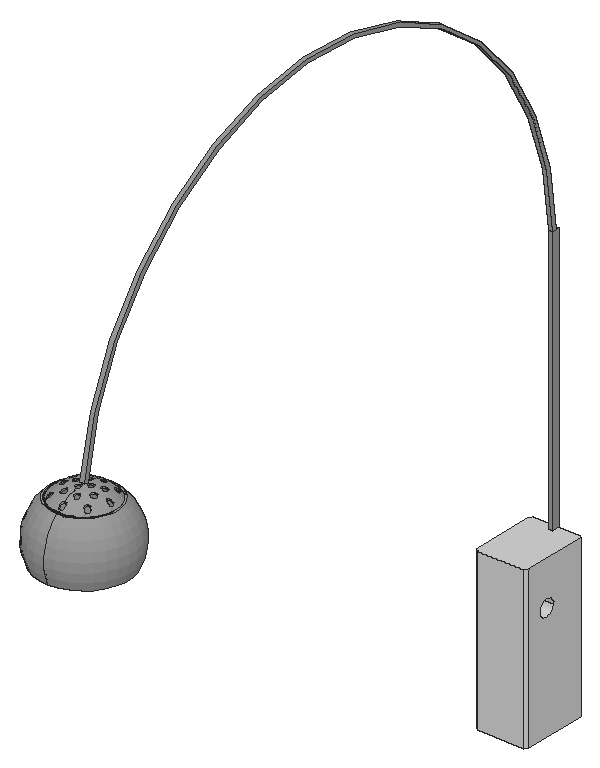
Revit family
Parameters (values of type "Standard")
  Wattage Comments = "100"
  Wattage = 9.2903 W
  built-in parameter 1150110 = 1 (stored number, unit not read)
  built-in parameter 1114217 = 1 (stored number, unit not read)
  built-in parameter 1150109 = 1 (stored number, unit not read)
  built-in parameter 1150134 = 3
  built-in parameter 1150113 = 1 (stored number, unit not read)
  Model = "Arco"
  Material Shade = Metal - Aluminium
  Material Arm = Metal - Aluminium
  Manufacturer = "Revit"
  built-in parameter 1150105 = 109.82 (stored number, unit not read)
  Lumens = 1380 lm
  built-in parameter 1150115 = 1 (stored number, unit not read)
  Light Source Symbol Size = 60.96 cm
  built-in parameter 1150137 = (empty or 0)
  built-in parameter 1150139 = (empty or 0)
  built-in parameter 1150112 = 1 (stored number, unit not read)
  built-in parameter 1150114 = 1 (stored number, unit not read)
  Lamp = "Incandescent"
  Keynote = "V"
  Material Base = Marble
  built-in parameter 1150132 = 2
  built-in parameter 1150102 = (empty or 0)
  built-in parameter 1150107 = 3200 (stored number, unit not read)
  built-in parameter 1150138 = (empty or 0)
  built-in parameter 1150106 = 1.0982 (stored number, unit not read)
  built-in parameter 1150104 = 13.8 (stored number, unit not read)
  Dimming Lamp Color Temperature Shift = (empty or 0)
  Color Filter = 16777215
  built-in parameter 1114218 = 1 (stored number, unit not read)
  built-in parameter 1150133 = 10 (stored number, unit not read)
  Assembly Code = "D5020220"
Reference planes (cm)
  plane 1 "Light Source Axis (F/B)": y = -190.8505
  plane 2: z = 0
  plane 3 "Light Source Axis (L/R)": x = 0
  plane 4 "Light Source Elevation": z = 142.4368
  plane 5 "top base": z = 55
  plane 6 "top stick": z = 147
  plane 7: y = 12
Forms (cm)
  Extrusion 1, solid, material "Marble" <- "Material Base"
    sketch origin (0, 0, 0) x (0, 1, 0) y (-1, 0, 0)
      loop
        line (-10.9805, 9) -> (-12, 7.9805) -> (-12, -7.9805) -> (-10.9805, -9) -> (10.9805, -9) -> (12, -7.9805) -> (12, 7.9805) -> (10.9805, 9) -> (-10.9805, 9)
    from 0 to 55
  Extrusion 2, solid, material "Metal - Aluminium" <- "Material Arm"
    sketch origin (0, 0, 55) x (0, -1, 0) y (1, 0, 0)
      loop
        line (-12, -0.7517) -> (-9.5, -0.7517) -> (-9.5, 0.7483) -> (-12, 0.7483) -> (-12, -0.7517)
    from 0 to 92
  Sweep 3, solid, material "Metal - Aluminium" <- "Material Arm"
    path origin (0, 0, 0) x (0, 1, 0) y (0, 0, 1)
      loop
        arc (9.5, 147) -> (-85.5306, 244.9609) -> (-190.2803, 157.47) r 100.3044
    profile origin (0, -98.099, 5.1412) x (0, -0.052336, -0.99863) y (1, 0, 0)
      loop
        line (-241.4489, 0.75) -> (-241.4489, -0.75) -> (-240.1489, -0.75) -> (-240.1489, 0.75) -> (-241.4489, 0.75)
  Revolve 4, solid, material "Metal - Aluminium" <- "Material Shade"
    sketch origin (0, 0, 0) x (0, 1, 0) y (0, 0, 1)
      loop
        arc (-175.3882, 132.8779) -> (-174.0134, 143.5422) -> (-179.2458, 152.9358) r 17.184
        line (-179.2458, 152.9358) -> (-179.8078, 152.9358) -> (-179.8078, 152.7358) -> (-179.3242, 152.7358)
        arc (-179.3242, 152.7358) -> (-174.1936, 143.4191) -> (-175.6102, 132.8779) r 16.984
        line (-175.6102, 132.8779) -> (-175.3882, 132.8779)
      axis (-190.8882, 132.8779) -> (-190.8882, 152.9358)
    angle from 0 to 360
  Revolve 5, solid, material "Metal - Aluminium" <- "Material Shade"
    sketch origin (0, 0, 0) x (0, 1, 0) y (0, 0, 1)
      loop
        arc (-179.8902, 152.7358) -> (-184.7518, 156.3721) -> (-190.6842, 157.6618) r 14.2893
        line (-190.6842, 157.6618) -> (-190.6842, 157.4618)
        arc (-190.6842, 157.4618) -> (-184.8348, 156.1902) -> (-180.0412, 152.6048) r 14.0893
        line (-180.0412, 152.6048) -> (-179.8902, 152.7358)
      axis (-190.6842, 157.6618) -> (-190.6842, 152.6048)
    angle from 0 to 360
  Extrusion 6, void
    sketch origin (0, 0, 147) x (0, -1, 0) y (1, 0, 0)
      loop
        circle (190.9174, -9.0222) r 1
      loop
        circle (190.9174, 9.0222) r 1
      loop
        circle (199.9397, 0) r 1
      loop
        circle (181.8952, 0) r 1
      loop
        circle (197.2971, -6.3797) r 1
      loop
        circle (184.5377, 6.3797) r 1
      loop
        circle (197.2971, 6.3797) r 1
      loop
        circle (184.5377, -6.3797) r 1
      loop
        circle (188.4014, -5.3444) r 1
      loop
        circle (193.2997, 5.3444) r 1
      loop
        circle (196.195, -2.4491) r 1
      loop
        circle (185.5061, 2.4491) r 1
      loop
        circle (192.8978, -5.5109) r 1
      loop
        circle (188.8033, 5.5109) r 1
      loop
        circle (196.3614, 2.0473) r 1
      loop
        circle (185.3397, -2.0473) r 1
      loop
        circle (190.9174, -2.5222) r 1
      loop
        circle (190.9174, 2.5222) r 1
      loop
        circle (193.4397, 0) r 1
      loop
        circle (188.3952, 0) r 1
    from 0 to 14.6658
  Extrusion 7, void
    sketch origin (-9, 10.9805, 55) x (0, 0, 1) y (0, -1, 0)
      loop
        circle (-15.1581, 14.5034) r 3
    from 0 to 25
Cuts and joins
  Extrusion 6, Extrusion 7 cuts Extrusion 1
  Extrusion 6, Extrusion 7 cuts Extrusion 2
  Extrusion 6, Extrusion 7 cuts Sweep 3
  Extrusion 6, Extrusion 7 cuts Revolve 4
  Extrusion 6, Extrusion 7 cuts Revolve 5
Dimensions and locks (cm)
  locked: Extrusion 1 sketch curve to Extrusion 1 sketch curve at 18  (x2)
  locked: Extrusion 1 sketch curve to Extrusion 1 sketch curve at 24
  locked: plane 5 "top base" to plane 2 at 55
  locked: plane 6 "top stick" to plane 5 "top base" at 92
  locked: Extrusion 2 sketch curve to Extrusion 2 sketch curve at 1.5
  locked: Extrusion 2 sketch curve to Extrusion 2 sketch curve at 2.5
  locked: level to plane 2
  Sweep 3 sketch curve to Sweep 3 sketch curve = 1.50 cm
  locked: Sweep 3 sketch curve to Sweep 3 sketch curve at 1.2982
  locked: level to plane 4 "Light Source Elevation" at 142.4368
  radius of Sweep 3 sketch curve = 100.3044 cm
  aligned and locked: Extrusion 1 to plane 5 "top base"
  aligned and locked: plane 7 to Extrusion 1
  aligned and locked: Extrusion 2 sketch curve to plane 7
  aligned and locked: Extrusion 2 to plane 6 "top stick"
  aligned and locked: imposter light to plane 3 "Light Source Axis (L/R)"
  aligned and locked: plane 1 "Light Source Axis (F/B)" to imposter light
  aligned and locked: plane 4 "Light Source Elevation" to imposter light
